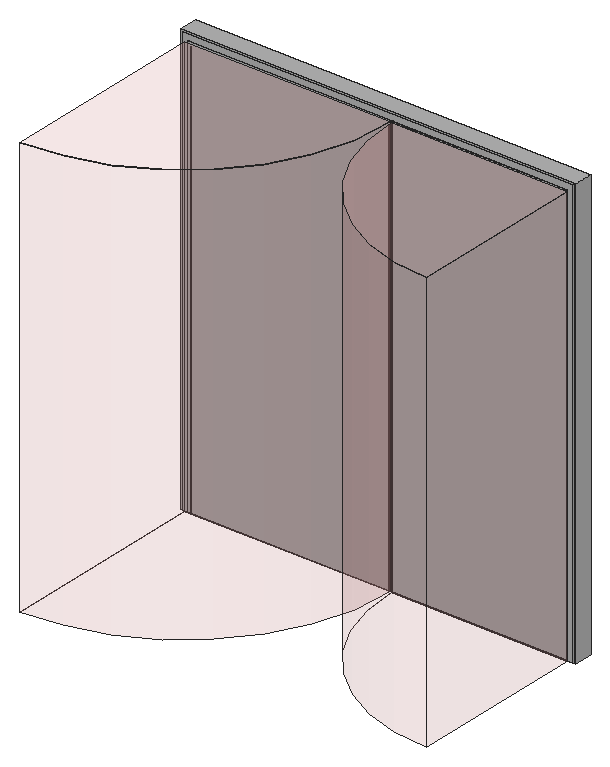
Revit family "ASSA ABLOY - ALPE Sp 30-2, double-leaf, block frame", category Doors, host Wall, Revit 2021
Family settings
  Host = Wall
  OmniClass Number = 23.30.10.00
  OmniClass Title = Doors
  Always vertical = Yes
  Cut with Voids When Loaded = No
  Shared = No
  Room Calculation Point = No
Parameters (values of type "1800 x 2100 (1809 x 2106)")
  URL = "https://www.assaabloy.com/pl/pl"
  Type Comments = "Door leaf made of two pressed galvanised steel sheets 1,25mm thick. Filled with mineral wool glued to the sheets with polyurethane adhesive. Door with 3-sided thin rebate."
  Rough Width Real = Width Round + Rough Width Conversion + Rough Width Adjustment  # 1991.500 mm
  Rough Height Real = Height Round + Rough Height Conversion + Rough Height Adjustment  # 2174.000 mm
  Rough Width Conversion = 191.500 mm  # constant formula
  Rough Width Adjustment = 0.000 mm  # constant formula
  Rough Height Conversion = 74.000 mm  # constant formula
  Rough Height Adjustment = 0.000 mm  # constant formula
  Recess Value [instance] = 50.000 mm
  Passive Symbol Radius [instance] = Passive Leaf Width + 13.500 mm  # 1041.000 mm
  Passive Leaf Width [instance] = Rough Width Real - Middle Post - 44.000 mm  # 1027.500 mm
  Opening Zone [instance] = yes
  Model = "Doorset_Steel door with air inlet function/ Access control_ASSA ABLOY Opening Solutions_Hardware 3D"
  Middle Post [instance] = Active Leaf Clear Passage Width + 120.000 mm  # 920.000 mm
  Hinges Material = Default steel
  HW Item 9 = "2x PBE011: panic device (EN1125), type A (crossbar)_ABLOY"
  HW Item 8 = "1x SK6 Radius: euro profile cylinder_IKON"
  HW Item 15 = "1x 206253: Vercy door stopper, max 120 kg_ASSA ABLOY (option)"
  HW Item 14 = "1x Incedo: Access Control Set_ASSA ABLOY (option)"
  HW Item 13 = "1x HID SIGNO 20: card reader_HID"
  HW Item 12 = "2x FTA600: folding arm drive_Other"
  HW Item 11 = "1x A101: carry bar_ ASSA ABLOY"
  HW Item 10 = "1x Inoxi 3-19K/0421 PZPZ: single U-shape handle on round rosette, class 3 (EN1906), stainless steel; rosette set PZPZ_ABLOY"
  Frame Finish [instance] = ""
  Fire Rating NFR (0) = [Fire Rating - Set Value] = 0  # yes
  Fire Rating EI30 (1) = [Fire Rating - Set Value] = 1  # no
  Fire Rating - Set Value = 0
  Fire Rating = if([Fire Rating NFR (0)], "NFR", if([Fire Rating EI30 (1)], "EI30", "0"))  # "NFR"
  Width Round = roundup((Width / 5.000 mm)) * 5.000 mm  # 1800.000 mm
  Thickness = 54.000 mm  # constant formula
  Smoke Rating = "Sa, S200 (optional)"
  Rough Width = Width Round + 8.500 mm + Rough Width Conversion + Rough Width Adjustment  # 2000.000 mm
  Rough Height = Height Round + 6.000 mm + Rough Height Conversion + Rough Height Adjustment  # 2180.000 mm
  Readme = "The actual lintel height is consistent with the Rough Height parameter.\r\nThe final HW Set should be consistent with the function of the door and its  parameters.\r\nHardware mounted on door surface may affect the clear passage opening. For verification, please contact the specification department.\r\nIf you would like to change panic device to another one, please contact the specification team to verify opening and new solution compatibility."
  Provider = "ASSA ABLOY Opening Solutions"
  Product Group = "Double-Steel-Access control-Air inlet"
  Name = "Steel door with air inlet function/ Access control"
  Min Door Width = 1170.000 mm
  Min Door Height = 600.000 mm
  Mechanical Strength = 4
  Max Door Width = 2370.000 mm
  Max Door Height = 2500.000 mm
  Manufacturer = "ASSA ABLOY"  # constant formula
  IfcExportType = "USERDEFINED"
  IfcExportAs = "IfcDoorType"
  Height Round = roundup((Height / 5.000 mm)) * 5.000 mm  # 2100.000 mm
  Hardware Set = "2.10PL"
  HW Item 7 = "2x EA219: cable 10m"
  HW Item 6 = "2x EA280/ EA281: lead cover"
  HW Item 5 = "1x PE928: passive door package, electromechanical_ABLOY"
  HW Item 4 = "1x PE520: electric motor mortise lock_ABLOY"
  HW Item 3 = "2x A153: mechanical opening damper_ASSA ABLOY (option)"
  HW Item 2 = "1x G461: guide rail with integrated coordinator_ASSA ABLOY"
  HW Item 1 = "2x DC700/ DC500: door closer, Cam-Motion®_ASSA ABLOY"
  Function = Interior
  Height = 2100.000 mm
  Wall Closure = By host
  Width = 1800.000 mm
  Frame Type = "Welded steel block frame, made of galvanised sheet 1,5mm thick."
  Frame Material = Default steel
  Family name = "2.10_DOORSET_ALPE Sp 30-2_DOUBLE-LEAF_BLOCK FRAME_ASSA ABLOY PL"
  Environmental Product Declaration (EPD) = "To be confirmed with Provider"  # constant formula
  Environmental Management System = "To be confirmed with Provider"  # constant formula
  Edition number = "1"
  Door Type = "ALPE Sp 30-2"
  Door Material = Default steel
  Door Finish Push Side [instance] = ""
  Door Finish Pull Side [instance] = ""
  Description = "ALPE Sp 30-2, door leaf made of two pressed galvanised steel sheets 1,25mm thick. Filled with mineral wool glued to the sheets with polyurethane adhesive. Door with 3-sided thin rebate. Stainless steel hinges with 3D regulation. Mechanical durability – class C5 according to PN-EN 16034:2014. Mechanical strength – class 4 according to PN-EN 1192:2001. Welded steel block frame, made of galvanised sheet 1,5mm thick."
  Date of publishing = ""
  Contact Provider = "https://www.assaabloy.com/pl/pl/solutions/topics/bim-specification/contact"
  Brand = "ASSA ABLOY Mercor Doors Sp. z o. o."  # constant formula
  Author = "www.archispace.pl"
  Active Symbol Radius [instance] = Active Leaf Width + 13.500 mm  # 889.500 mm
  Active Leaf Width [instance] = Middle Post - 44.000 mm  # 876.000 mm
  Active Leaf Clear Passage Width = 800.000 mm
Types (3, lengths in mm): name | Rough Width Real | Rough Height Real | Passive Symbol Radius | Passive Leaf Width | Width Round | Rough Width | Rough Height | Height Round | Height | Width
  1250 x 2000 (1259 x 2006) | 1441.500 | 2074.000 | 491.000 | 477.500 | 1250.000 | 1450.000 | 2080.000 | 2000.000 | 2000.000 | 1250.000
  1800 x 2100 (1809 x 2106) | 1991.500 | 2174.000 | 1041.000 | 1027.500 | 1800.000 | 2000.000 | 2180.000 | 2100.000 | 2100.000 | 1800.000
  2450 x 2500 (2459 x 2506) | 2641.500 | 2574.000 | 1691.000 | 1677.500 | 2450.000 | 2650.000 | 2580.000 | 2500.000 | 2500.000 | 2450.000
Reference planes
  plane 1: y = 0
  plane 2 "Center (Left/Right)": x = 0
  plane 3: z = 2174
  plane 4 "Exterior": y = 120
  plane 5 "Interior": y = -120
  plane 6: x = -995.75
  plane 7: x = 995.75
  plane 8: z = 2100
  plane 9: x = 75.75
  plane 10: z = 2116.6
  plane 11: x = 938.35
  plane 12: x = -938.35
  plane 13: x = 921.75
  plane 14: x = -921.75
  plane 15: x = 57.05
  plane 16: x = 94.45
  plane 17: z = 5
  plane 18: x = -1000
  plane 19: x = 1000
  plane 20: z = 2180
  plane 21: y = -79.5
  plane 22: y = -70
  plane 23: y = -67.5
  plane 24: y = -15
  plane 25: y = 1
  plane 26: y = 30
  plane 27: y = 27.5
  plane 28: x = 966.85
  plane 29: x = -966.85
  plane 30: z = 2133
Forms (mm)
  Sweep 1, solid, material "Default steel" <- "Frame Material"
    path origin (-489, -67.5, 1200) x (1, 0, 0) y (0, 0, 1)
      loop
        line (-506.75, -1200) -> (-506.75, 974) -> (1484.75, 974) -> (1484.75, -1200)
    profile origin (-995.75, -67.5, 1087) x (-1, 0, 0) y (0, -1, 0)
      loop
        line (-74, -52.5) -> (-74, -97.5) -> (-10, -97.5) -> (-10, -95) -> (0, -95) -> (0, 0) -> (-10, 0) -> (-10, 2.5) -> (-52, 2.5) -> (-52, -68.5) -> (-59, -68.5) -> (-59, -52.5) -> (-74, -52.5)
  Sweep 2, solid, material "Default steel" <- "Door Material"
    path origin (-489, -67.5, 1200) x (1, 0, 0) y (0, 0, 1)
      loop
        line (-449.35, -1195) -> (-449.35, 916.6) -> (543.05, 916.6) -> (543.05, -1195)
    profile origin (-442.15, -67.5, 2116.6) x (0, 0, 1) y (0, -1, 0)
      loop
        line (0, 5.9) -> (0, 3.5) -> (19, 3.5) -> (19, 5.9) -> (0, 5.9)
  Sweep 3, solid, material "Default steel" <- "Door Material"
    path origin (-489, -67.5, 1200) x (1, 0, 0) y (0, 0, 1)
      loop
        line (489, -1195) -> (489, 916.6)
    profile origin (0, -67.5, 1060.8) x (-1, 0, 0) y (0, -1, 0)
      loop
        line (938.35, -48.1) -> (938.35, 5.9) -> (-57.05, 5.9) -> (-57.05, -48.1) -> (938.35, -48.1)
  Sweep 4, solid, material "Opening zone", visible <- "Opening Zone"
    path origin (-5600, 0, 0) x (-1, 0, 0) y (0, 0, 1)
      loop
        line (-5600, 5) -> (-5600, 2133)
    profile origin (0, 0, 1069) x (1, 0, 0) y (0, 1, 0)
      loop
        line (-966.85, -79.5) -> (-966.85, -1120.5)
        arc (-966.85, -1120.5) -> (-230.752, -815.598) -> (74.15, -79.5) r 1041
        line (74.15, -79.5) -> (-966.85, -79.5)
  Sweep 5, solid, material "Default steel" <- "Frame Material"
    path origin (-489, -67.5, 1200) x (1, 0, 0) y (0, 0, 1)
      loop
        line (564.75, -1195) -> (564.75, 900)
    profile origin (75.75, -67.5, 1052.5) x (-1, 0, 0) y (0, -1, 0)
      loop
        line (18.7, 3.5) -> (6, 3.5) -> (-2, 0.5) -> (-13.8, 0.5) -> (-13.8, -48.1) -> (-21.3, -48.1) -> (-21.3, -58.3) -> (-36.3, -58.3) -> (-36.3, -48.1) -> (-38.8, -48.1) -> (-38.8, -64.1) -> (31.7, -64.1) -> (31.7, -48.1) -> (18.7, -48.1) -> (18.7, 3.5)
  Sweep 6, solid, material "Default steel" <- "Door Material"
    path origin (-489, -67.5, 1200) x (1, 0, 0) y (0, 0, 1)
      loop
        line (586.45, -1195) -> (586.45, 916.6) -> (1427.35, 916.6) -> (1427.35, -1195)
    profile origin (517.9, -67.5, 2116.6) x (0, 0, 1) y (0, -1, 0)
      loop
        line (0, 5.9) -> (0, 3.5) -> (19, 3.5) -> (19, 5.9) -> (0, 5.9)
  Sweep 7, solid, material "Default steel" <- "Door Material"
    path origin (-489, -67.5, 1200) x (1, 0, 0) y (0, 0, 1)
      loop
        line (564.75, -1195) -> (564.75, 916.6)
    profile origin (75.75, -67.5, 1060.8) x (-1, 0, 0) y (0, -1, 0)
      loop
        line (-862.6, -48.1) -> (-18.7, -48.1) -> (-18.7, 5.9) -> (-862.6, 5.9) -> (-862.6, -48.1)
  Sweep 8, solid, material "Opening zone", visible <- "Opening Zone"
    path origin (5600, 0, 0) x (1, 0, 0) y (0, 0, -1)
      loop
        line (-5600, -5) -> (-5600, -2133)
    profile origin (0, 0, 1069) x (1, 0, 0) y (0, 1, 0)
      loop
        line (966.85, -79.5) -> (77.35, -79.5)
        arc (77.35, -79.5) -> (337.879, -708.471) -> (966.85, -969) r 889.5
        line (966.85, -969) -> (966.85, -79.5)
Cuts and joins
  joined: Sweep 2, Sweep 3
  joined: Sweep 6, Sweep 7
Lines and regions (mm)
  Masking region 1, detail levels fine
    outline origin (-1132.682, -300, 2037) x (-1, 0, 0) y (0, -1, 0)
      loop
        circle (-165.832, -220.5) r 11
      loop
        circle (-2099.532, -220.5) r 11
  Opening 1
    outline origin (-5000, -120, 0) x (1, 0, 0) y (0, 0, 1)
      loop
        line (4000, 2180) -> (4000, 0) -> (6000, 0) -> (6000, 2180) -> (4000, 2180)
  Masking region 2, detail levels medium
    outline origin (-1132.682, -300, 2052) x (-1, 0, 0) y (0, -1, 0)
      loop
        line (-136.932, -330) -> (-136.932, -230) -> (-210.932, -230) -> (-210.932, -330) -> (-136.932, -330)
      loop
        line (-2128.432, -330) -> (-2054.432, -330) -> (-2054.432, -230) -> (-2128.432, -230) -> (-2128.432, -330)
  Masking region 3, detail levels fine
    outline origin (-1177.682, -289.4, 2052) x (-1, 0, 0) y (0, -1, 0)
      loop
        line (-255.932, -274.4) -> (-255.932, -319.4) -> (-191.932, -319.4) -> (-191.932, -316.9) -> (-181.932, -316.9) -> (-181.932, -221.9) -> (-191.932, -221.9) -> (-191.932, -219.4) -> (-233.932, -219.4) -> (-233.932, -290.4) -> (-240.932, -290.4) -> (-240.932, -274.4) -> (-255.932, -274.4)
      loop
        line (-2099.432, -274.4) -> (-2114.432, -274.4) -> (-2114.432, -290.4) -> (-2121.432, -290.4) -> (-2121.432, -219.4) -> (-2163.432, -219.4) -> (-2163.432, -221.9) -> (-2173.432, -221.9) -> (-2173.432, -316.9) -> (-2163.432, -316.9) -> (-2163.432, -319.4) -> (-2099.432, -319.4) -> (-2099.432, -274.4)
  symbolic lines, style "Elevation Swing"
    curve 1: line (72.75, -120, 1087) -> (-921.75, -120, 2100)
    curve 2: line (72.75, -120, 1087) -> (-921.75, -120, 5)
    curve 3: line (78.75, -120, 1087) -> (921.75, -120, 2100)
    curve 4: line (78.75, -120, 1087) -> (921.75, -120, 5)
Text (mm)
  text "Exterior" at (-1376.75, 1099.543, 0), in view "Ref. Level"
  text "Exterior" at (0, 1615.38, 3698.081), in view "Left"
  text "Exterior" at (0, 1036.032, 3874.932), in view "Right"
Dimensions and locks
  "Rough Height Real": plane 3 to host wall
  equal spacing: host wall, curve 2, plane 3
  host wall to plane 3 = 2174.000 mm
  locked: plane 4 "Exterior" to host wall
  locked: plane 5 "Interior" to host wall
  equal spacing: plane 6, plane 2 "Center (Left/Right)", plane 7
  "Rough Width Real": plane 6 to plane 7
  "Height": plane 8 to level
  locked: plane 6 to plane 12 at 57.4
  locked: plane 11 to plane 7 at 57.4
  locked: plane 3 to plane 10 at 57.4
  locked: plane 13 to plane 7 at 74
  locked: plane 6 to plane 14 at 74
  locked: plane 15 to plane 9 at 18.7
  locked: plane 9 to plane 16 at 18.7
  "Middle Post": plane 9 to plane 7
  equal spacing: plane 3, curve 4, level
  locked: plane 17 to level at 5
  equal spacing: plane 18, plane 2 "Center (Left/Right)", plane 19
  "Rough Width": plane 18 to plane 19
  "Rough Height": plane 20 to level
  locked: plane 25 to plane 24 at 16
  locked: plane 25 to plane 27 at 26.5
  locked: plane 27 to plane 26 at 2.5
  locked: plane 23 to plane 24 at 52.5
  locked: plane 6 to Masking region 3 sketch curve at 10
  locked: Masking region 3 sketch curve to plane 7 at 10  (x2)
  locked: Masking region 3 sketch curve to plane 7 at 52
  locked: Masking region 3 sketch curve to Masking region 3 sketch curve at 7
  locked: plane 6 to Sweep 1 sketch curve at 10  (x2)
  locked: plane 28 to plane 7 at 28.9
  locked: plane 6 to plane 29 at 28.9
  locked: plane 22 to plane 23 at 2.5
  locked: plane 22 to plane 21 at 9.5
  "Recess Value": plane 5 "Interior" to plane 22
  locked: plane 3 to plane 30 at 41
  locked: Sweep 1 to Masking region 3 sketch curve at 52
  locked: Masking region 3 sketch curve to Masking region 3 sketch curve at 15
  locked: Sweep 1 sketch curve to Sweep 1 sketch curve at 15
  locked: Sweep 1 sketch curve to Sweep 1 sketch curve at 7
  locked: plane 22 to Sweep 2 sketch curve at 1
  Sweep 2 sketch curve to Sweep 2 sketch curve = 19.000 mm
  locked: Sweep 3 sketch curve to Sweep 3 sketch curve at 54
  Sweep 5 sketch curve to Sweep 5 sketch curve = 25.000 mm
  locked: Sweep 6 sketch curve to Sweep 6 sketch curve at 2.4
  Sweep 6 sketch curve to Sweep 6 sketch curve = 19.000 mm
  locked: Sweep 7 sketch curve to plane 22 at 3.4
  locked: Sweep 7 sketch curve to Sweep 7 sketch curve at 54
  locked: Sweep 6 sketch curve to plane 22 at 1
  locked: plane 21 to nested 1 at 9.5
  plane 28 to plane 7 = 28.900 mm
  locked: nested 1 to plane 28 at 4.6
  locked: Sweep 6 sketch curve to plane 16 at 3
  locked: Sweep 2 sketch curve to plane 15 at 3
  plane 26 to plane 22 = 100.000 mm
  locked: Sweep 5 sketch curve to Sweep 5 sketch curve at 16
  locked: Sweep 5 sketch curve to plane 15 at 13
  "Active Symbol Radius": radius of Sweep 8 sketch curve
  "Passive Symbol Radius": radius of Sweep 4 sketch curve
  aligned and locked: plane 1 to host wall
  aligned and locked: level to Sweep 1 sketch curve  (x2)
  aligned and locked: Sweep 1 sketch curve to plane 6  (x2)
  aligned and locked: plane 7 to Sweep 1 sketch curve
  aligned and locked: plane 2 "Center (Left/Right)" to Sweep 3 sketch curve
  aligned and locked: plane 3 to Sweep 1 sketch curve
  aligned and locked: Sweep 2 sketch curve to plane 12
  aligned and locked: Sweep 2 sketch curve to plane 10
  aligned and locked: plane 10 to Sweep 3 sketch curve
  aligned and locked: Sweep 3 sketch curve to plane 12
  aligned and locked: Sweep 5 sketch curve to plane 9
  aligned and locked: plane 15 to Sweep 3 sketch curve
  aligned and locked: Sweep 7 sketch curve to plane 9
  aligned and locked: plane 10 to Sweep 7 sketch curve
  aligned and locked: Sweep 7 sketch curve to plane 16
  aligned and locked: plane 11 to Sweep 7 sketch curve
  aligned and locked: Sweep 6 sketch curve to plane 10
  aligned and locked: Sweep 6 sketch curve to plane 11
  aligned and locked: plane 2 "Center (Left/Right)" to Sweep 8 sketch curve
  aligned and locked: plane 17 to Sweep 5 sketch curve
  aligned and locked: level to Opening 1 sketch curve
  aligned and locked: Opening 1 sketch curve to plane 18
  aligned and locked: Opening 1 sketch curve to plane 19
  aligned and locked: plane 8 to Sweep 5 sketch curve
  aligned and locked: Opening 1 sketch curve to plane 20
  aligned and locked: plane 17 to Sweep 2 sketch curve  (x2)
  aligned and locked: plane 17 to Sweep 3 sketch curve
  aligned and locked: plane 17 to Sweep 6 sketch curve  (x2)
  aligned and locked: plane 17 to Sweep 7 sketch curve
  aligned and locked: plane 22 to Masking region 2 sketch curve  (x2)
  aligned and locked: Masking region 2 sketch curve to plane 26  (x2)
  aligned and locked: plane 27 to Masking region 3 sketch curve  (x2)
  aligned and locked: plane 26 to Masking region 3 sketch curve  (x2)
  aligned and locked: plane 25 to Masking region 3 sketch curve  (x2)
  aligned and locked: plane 24 to Masking region 3 sketch curve  (x2)
  aligned and locked: Masking region 3 sketch curve to plane 23  (x2)
  aligned and locked: plane 22 to Masking region 3 sketch curve  (x2)
  aligned and locked: Masking region 3 sketch curve to plane 6
  aligned and locked: Masking region 3 sketch curve to plane 7
  aligned and locked: Masking region 2 sketch curve to plane 6
  aligned and locked: Masking region 2 sketch curve to plane 7
  aligned and locked: plane 26 to Sweep 1 sketch curve
  aligned and locked: plane 27 to Sweep 1 sketch curve
  aligned and locked: plane 25 to Sweep 1 sketch curve
  aligned and locked: plane 24 to Sweep 1 sketch curve
  aligned and locked: plane 22 to Sweep 1 sketch curve
  aligned and locked: Sweep 1 sketch curve to plane 23
  aligned and locked: Masking region 1 sketch curve to plane 21
  aligned and locked: plane 21 to Masking region 1 sketch curve
  aligned and locked: plane 29 to Masking region 1 sketch curve
  aligned and locked: plane 28 to Sweep 8 sketch curve
  aligned and locked: Sweep 8 sketch curve to plane 21
  aligned and locked: Sweep 4 sketch curve to plane 29
  aligned and locked: Sweep 4 sketch curve to plane 21
  aligned and locked: plane 2 "Center (Left/Right)" to Sweep 4 sketch curve
  aligned and locked: plane 30 to Sweep 4 sketch curve
  aligned and locked: plane 17 to Sweep 4 sketch curve
  aligned and locked: plane 30 to Sweep 8 sketch curve
  aligned and locked: plane 17 to Sweep 8 sketch curve
  aligned and locked: plane 8 to curve 1
  aligned and locked: plane 14 to curve 1
  aligned and locked: plane 14 to curve 2
  aligned and locked: plane 17 to curve 2
  aligned and locked: plane 13 to curve 4
  aligned and locked: plane 17 to curve 4
  aligned and locked: plane 13 to curve 3
  aligned and locked: plane 8 to curve 3
  aligned and locked: Masking region 3 sketch curve to Masking region 3 sketch curve
  aligned and locked: plane 14 to Masking region 2 sketch curve
  aligned and locked: Masking region 2 sketch curve to plane 13
  aligned and locked: Sweep 1 sketch curve to plane 14
  aligned and locked: Sweep 3 sketch curve to cut or joined group of Sweep 2, Sweep 3
  aligned and locked: plane 13 to Masking region 3 sketch curve
  aligned and locked: Sweep 5 sketch curve to plane 15
  aligned and locked: plane 28 to Masking region 1 sketch curve
  aligned and locked: Sweep 5 sketch curve to cut or joined group of Sweep 2, Sweep 3
Automatic sketch dimensions
  profile plane to Sweep 2 sketch curve = 0.000 mm
  Sweep 2 sketch curve to Sweep 2 sketch curve = 2.400 mm
  profile plane to Sweep 6 sketch curve = 0.000 mm
  Sweep 5 sketch curve to Sweep 5 sketch curve = 2.500 mm
  profile plane to Sweep 5 sketch curve = 13.800 mm
  profile plane to Sweep 5 sketch curve = 2.000 mm
  Sweep 5 sketch curve to profile plane = 6.000 mm
  Sweep 5 sketch curve to Sweep 5 sketch curve = 5.800 mm
  Sweep 5 sketch curve to Sweep 5 sketch curve = 10.200 mm  (x2)
  Sweep 5 sketch curve to Sweep 5 sketch curve = 48.600 mm
  Sweep 5 sketch curve to Sweep 5 sketch curve = 3.000 mm
  plane 9 to curve 2 = 3.000 mm
  curve 3 to plane 9 = 3.000 mm
  Masking region 3 sketch curve to plane 14 = 0.000 mm
  Sweep 5 sketch curve to Sweep 5 sketch curve = 7.500 mm
  radius of Masking region 1 sketch curve = 11.000 mm  (x2)
Nested families
  nested 1: "Detail_Door symbol" at (0, -71.5, 2037), type "Detail_Door symbol"
Definition of nested family "Detail_Door symbol"
  Parameters (values of type "Detail_Door symbol")
    Rough Width = 1991.500 mm
    Passive Symbol Radius = 1041.000 mm
    Passive Leaf Width = 1027.500 mm
    Middle Post = 920.000 mm
    Active Symbol Radius = 889.500 mm
    Active Leaf Width = 876.000 mm
  Reference planes
    plane 1 "Center (Front/Back)": y = 0
    plane 2: z = 0
    plane 3 "Center (Left/Right)": x = 0
    plane 4: x = -995.75
    plane 5: y = -8
    plane 6: y = -17.5
    plane 7: y = -36.5
    plane 8: y = -1029
    plane 9: y = -1045
    plane 10: x = 995.75
    plane 11: y = -8
    plane 12: y = -17.5
    plane 13: y = -33.5
    plane 14: y = -874.5
    plane 15: y = -893.5
    plane 16: y = -1006
    plane 17: y = -1086
    plane 18: y = -1061
    plane 19: x = -892.25
    plane 20: x = -892
    plane 21: x = -962.25
    plane 22: x = -966.85
    plane 23: x = -959.85
    plane 24: x = -908.25
    plane 25: x = 962.25
    plane 26: x = 966.85
    plane 27: x = 959.85
    plane 28: x = 908.25
  Lines and regions (mm)
    Filled region 1, type "Solid Fill - White", in view "Ref. Level", detail levels fine
      outline origin (88.5, 43.059, 0) x (1, 0, 0) y (0, 1, 0)
        loop
          line (-1050.75, -60.559) -> (-1050.75, -1088.059) -> (-1048.35, -1088.059) -> (-1048.35, -1072.059) -> (-996.75, -1072.059) -> (-996.75, -79.559) -> (-1048.35, -79.559) -> (-1048.35, -60.559) -> (-1050.75, -60.559)
    Filled region 2, type "Solid Fill - White", in view "Ref. Level", detail levels medium
      outline origin (-211.5, 43.059, 0) x (1, 0, 0) y (0, 1, 0)
        loop
          line (-750.75, -60.559) -> (-750.75, -1088.059) -> (-696.75, -1088.059) -> (-696.75, -60.559) -> (-750.75, -60.559)
    Filled region 3, type "Solid Fill - White", in view "Ref. Level", detail levels fine
      outline origin (-78.5, 43.059, 0) x (0, 1, 0) y (-1, 0, 0)
        loop
          line (-60.559, -1040.75) -> (-60.559, -1038.35) -> (-76.559, -1038.35) -> (-76.559, -986.75) -> (-917.559, -986.75) -> (-917.559, -1038.35) -> (-936.559, -1038.35) -> (-936.559, -1040.75) -> (-60.559, -1040.75)
    Filled region 4, type "Solid Fill - White", in view "Ref. Level", detail levels fine
      outline origin (88.5, -61.941, 0) x (1, 0, 0) y (0, 1, 0)
        loop
          line (-980.75, -1024.059) -> (-980.75, -944.059) -> (-996.75, -944.059) -> (-996.75, -967.059) -> (-1047.35, -967.059) -> (-1047.35, -980.059) -> (-1044.35, -988.059) -> (-1044.35, -999.059) -> (-994.55, -999.059) -> (-994.55, -1004.559) -> (-983.25, -1004.559) -> (-983.25, -1019.559) -> (-994.55, -1019.559) -> (-994.55, -1024.059) -> (-980.75, -1024.059)
    Filled region 5, type "Solid Fill - White", in view "Ref. Level", detail levels medium
      outline origin (183.5, -61.941, 0) x (1, 0, 0) y (0, 1, 0)
        loop
          line (-1091.75, -944.059) -> (-1091.75, -1024.059) -> (-1075.75, -1024.059) -> (-1075.75, -944.059) -> (-1091.75, -944.059)
    Filled region 6, type "Solid Fill - White", in view "Ref. Level", detail levels medium
      outline origin (221.5, 43.059, 0) x (0, 1, 0) y (-1, 0, 0)
        loop
          line (-60.559, -740.75) -> (-60.559, -686.75) -> (-936.559, -686.75) -> (-936.559, -740.75) -> (-60.559, -740.75)
    detail lines, in view "Ref. Level"
      curve 1: arc (-966.85, -1049, 0) -> (-230.752, -744.098, 0) -> (74.15, -8, 0) r 1041
      curve 3: arc (966.85, -897.5, 0) -> (337.879, -636.971, 0) -> (77.35, -8, 0) r 889.5
    detail lines, in view "Ref. Level", detail levels coarse
      curve 2: line (-966.85, -1049, 0) -> (-966.85, -12.5, 0)
      curve 4: line (966.85, -897.5, 0) -> (966.85, -8, 0)
  Dimensions and locks
    locked: plane 9 to plane 8 at 16
    "Passive Leaf Width": plane 9 to plane 6
    locked: plane 1 "Center (Front/Back)" to plane 5 at 8
    plane 1 "Center (Front/Back)" to plane 6 = 17.500 mm
    locked: plane 6 to plane 7 at 19
    "Rough Width": plane 4 to plane 10
    equal spacing: plane 4, plane 3 "Center (Left/Right)", plane 10
    locked: plane 15 to plane 14 at 19
    "Active Leaf Width": plane 15 to plane 12
    locked: plane 1 "Center (Front/Back)" to plane 11 at 8
    plane 1 "Center (Front/Back)" to plane 12 = 17.500 mm
    locked: plane 12 to plane 13 at 16
    locked: plane 18 to plane 9 at 16
    locked: plane 18 to plane 17 at 25
    locked: plane 9 to plane 16 at 39
    locked: plane 19 to plane 20 at 0.25
    locked: plane 4 to plane 22 at 28.9
    locked: plane 22 to plane 21 at 4.6
    locked: plane 21 to plane 24 at 54
    locked: plane 26 to plane 25 at 4.6
    locked: plane 24 to plane 19 at 16
    locked: plane 28 to plane 25 at 54
    locked: plane 11 to plane 12 at 9.5
    locked: plane 27 to plane 25 at 2.4
    locked: plane 26 to plane 10 at 28.9
    locked: plane 21 to plane 23 at 2.4
    locked: plane 5 to plane 6 at 9.5
    plane 12 to plane 13 = 16.000 mm
    locked: plane 24 to Filled region 4 sketch curve at 2.2
    plane 4 to plane 3 "Center (Left/Right)" = 995.750 mm
    plane 8 to plane 18 = 32.000 mm
    "Passive Symbol Radius": radius of curve 1
    "Active Symbol Radius": radius of curve 3
    aligned and locked: plane 5 to curve 1
    aligned and locked: plane 9 to Filled region 1 sketch curve
    aligned and locked: plane 8 to Filled region 1 sketch curve
    aligned and locked: Filled region 1 sketch curve to plane 6
    aligned and locked: Filled region 1 sketch curve to plane 7
    aligned and locked: Filled region 2 sketch curve to plane 6
    aligned and locked: plane 9 to Filled region 2 sketch curve
    aligned and locked: plane 15 to Filled region 3 sketch curve
    aligned and locked: plane 14 to Filled region 3 sketch curve
    aligned and locked: Filled region 3 sketch curve to plane 12
    aligned and locked: Filled region 3 sketch curve to plane 13
    aligned and locked: plane 16 to Filled region 4 sketch curve
    aligned and locked: plane 8 to Filled region 4 sketch curve
    aligned and locked: Filled region 4 sketch curve to plane 19
    aligned and locked: plane 16 to Filled region 5 sketch curve
    aligned and locked: Filled region 5 sketch curve to plane 19
    aligned and locked: Filled region 5 sketch curve to plane 17
    aligned and locked: Filled region 6 sketch curve to plane 12
    aligned and locked: plane 15 to Filled region 6 sketch curve
    aligned and locked: curve 4 to plane 11
    aligned and locked: Filled region 4 sketch curve to plane 18
    aligned and locked: plane 17 to Filled region 4 sketch curve
    aligned and locked: Filled region 2 sketch curve to plane 21
    aligned and locked: Filled region 2 sketch curve to plane 24
    aligned and locked: Filled region 1 sketch curve to plane 21
    aligned and locked: plane 23 to Filled region 1 sketch curve  (x2)
    aligned and locked: Filled region 1 sketch curve to plane 24
    aligned and locked: plane 25 to Filled region 3 sketch curve
    aligned and locked: Filled region 3 sketch curve to plane 27  (x2)
    aligned and locked: plane 28 to Filled region 3 sketch curve
    aligned and locked: plane 25 to Filled region 6 sketch curve
    aligned and locked: plane 28 to Filled region 6 sketch curve
    aligned and locked: curve 3 to plane 11
    aligned and locked: Filled region 4 sketch curve to plane 24
    aligned and locked: Filled region 4 sketch curve to Filled region 4 sketch curve
    aligned and locked: plane 22 to curve 2
    aligned and locked: Filled region 5 sketch curve to plane 24
    aligned and locked: curve 4 to plane 26
    aligned and locked: plane 22 to curve 1
    aligned and locked: plane 26 to curve 3
  Automatic sketch dimensions
    plane 17 to Filled region 4 sketch curve = 4.500 mm
    Filled region 4 sketch curve to Filled region 4 sketch curve = 11.300 mm
    Filled region 4 sketch curve to plane 23 = 4.000 mm
    Filled region 4 sketch curve to plane 23 = 1.000 mm
    Filled region 4 sketch curve to Filled region 4 sketch curve = 15.000 mm
    plane 9 to Filled region 4 sketch curve = 5.000 mm
    Filled region 4 sketch curve to plane 9 = 3.000 mm
    curve 2 to curve 1 = 4.500 mm
